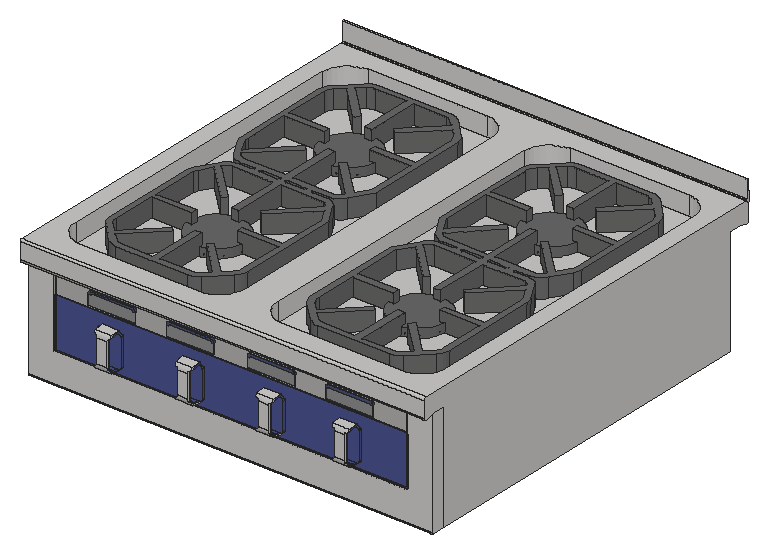
Revit family "QF_ELECTROLUXPROFESSIONAL_588040_MAGGABHOPO", category Specialty Equipment, Revit 2018
Family settings
  Round Connector Dimension = Use Diameter
  Part Type = Normal
  Work Plane-Based = No
  Always vertical = Yes
  Cut with Voids When Loaded = No
  Shared = No
  Room Calculation Point = No
Parameters
  Weight in Pounds = 138.891
  Watts = 0 W
  URL Cutsheet = ""
  Type Mark [instance] = ""
  Status [instance] = ""
  Specification by User [instance] = ""
  Specification by Manufacturer = ""
  Show Clearance [instance] = yes
  Serial Number = ""
  Seismic Rating = ""
  SMACNA No = ""
  Revision Code [instance] = ""
  Omniclass Number and Title = ""
  NAFEM Spec ID Number = ""
  Model = "588040"
  Mechanical Remarks [instance] = ""
  Mechanical Connection Type [instance] = ""
  Masterspec = ""
  Manufacturer = "ELECTROLUX"
  Item Number [instance] = ""
  Installed By [instance] = ""
  Identify Quantity as Lot [instance] = yes
  HP = "0 HP"
  Gas Size = 1/2"
  Gas RI Height [instance] = 0 mm
  Gas KW = 28
  Gas Input = 95452.0 Btu/h
  Gas Connection Height [instance] = 0 mm
  Furnished By [instance] = ""
  Foodservice Equipment Identifier [instance] = yes
  Direct Waste Size = 0"
  Description = "GAS TOP,4 BURNERS,1S,BSPL,800X800X250H"
  CSI MasterFormat = ""
  CSI Master Format = ""
  Back Panel [instance] = yes
Reference planes
  plane 1 "BACK": y = 0
  plane 2: z = 0
  plane 3 "LEFT": x = 0
  plane 4 "RIGHT": x = 800
  plane 5 "FRONT": y = -800
  plane 6 "TOP": z = 250
  plane 7: x = 400
  plane 8: y = -400
  plane 9: z = 370
  plane 10: x = 765
  plane 11: y = -60.425
Forms (mm)
  Extrusion 1, solid, material "QF_Finishes_Stainless Steel"
    sketch origin (0, -487.128, 0) x (0, 1, 0) y (0, 0, 1)
      loop
        line (483.128, 250) -> (-308.872, 250)
        arc (-308.872, 250) -> (-311.7, 248.828) -> (-312.872, 246) r 4
        line (-312.872, 246) -> (-312.872, 214)
        arc (-312.872, 214) -> (-311.437, 210.931) -> (-308.161, 210.064) r 4
        line (-308.161, 210.064) -> (-292.872, 213) -> (-267.872, 213) -> (-267.872, 0) -> (442.128, 0) -> (442.128, 213) -> (465.765, 213) -> (482.433, 210.061)
        arc (482.433, 210.061) -> (485.699, 210.936) -> (487.128, 214) r 4
        line (487.128, 214) -> (487.128, 246)
        arc (487.128, 246) -> (485.956, 248.828) -> (483.128, 250) r 4
    from 0 to 800
  Extrusion 2, void
    sketch origin (653.786, 44.048, 250) x (1, 0, 0) y (0, -1, 0)
      loop
        line (-570.234, 89.462) -> (-334.333, 89.462)
        arc (-334.333, 89.462) -> (-299.707, 103.805) -> (-285.364, 138.432) r 48.97
        line (-285.364, 138.432) -> (-285.364, 750.078)
        arc (-285.364, 750.078) -> (-299.707, 784.705) -> (-334.333, 799.048) r 48.97
        line (-334.333, 799.048) -> (-570.234, 799.048)
        arc (-570.234, 799.048) -> (-605.59, 784.403) -> (-620.234, 749.048) r 50
        line (-620.234, 749.048) -> (-620.234, 139.462)
        arc (-620.234, 139.462) -> (-605.59, 104.107) -> (-570.234, 89.462) r 50
      loop
        line (64.679, 799.048) -> (-171.222, 799.048)
        arc (-171.222, 799.048) -> (-206.577, 784.403) -> (-221.222, 749.048) r 50
        line (-221.222, 749.048) -> (-221.222, 139.462)
        arc (-221.222, 139.462) -> (-206.577, 104.107) -> (-171.222, 89.462) r 50
        line (-171.222, 89.462) -> (64.679, 89.462)
        arc (64.679, 89.462) -> (99.306, 103.805) -> (113.649, 138.432) r 48.97
        line (113.649, 138.432) -> (113.649, 750.078)
        arc (113.649, 750.078) -> (99.306, 784.705) -> (64.679, 799.048) r 48.97
    from 0 to 37
  Extrusion 3, solid, material "QF_Finishes_Stainless Steel"
    sketch origin (10, -560, 0) x (1, 0, 0) y (0, -1, 0)
      loop
        circle (755, -70) r 6.35
    from 0 to 3.2
  Extrusion 4, solid, material "QF_Finishes_Stainless Steel"
    sketch origin (0, -950.048, 0) x (0, -1, 0) y (0, 0, -1)
      loop
        arc (-948.097, -252.006) -> (-947.511, -250.592) -> (-946.097, -250.006) r 2
        arc (-946.097, -250.006) -> (-948.877, -248.828) -> (-950.048, -246) r 4
        line (-950.048, -246) -> (-950.048, -288.006) -> (-948.097, -288.006) -> (-948.097, -252.006)
    from 0 to 800
Cuts and joins
  Extrusion 2 cuts Extrusion 1
Lines and regions (mm)
  symbolic lines
    curve 1: line (0, 0, 0) -> (800, 0, 0)
    curve 2: line (0, -800, 0) -> (0, 0, 0)
    curve 3: line (800, -800, 0) -> (0, -800, 0)
    curve 4: line (800, 0, 0) -> (800, -800, 0)
    curve 5: arc (83.552, -755, 0) -> (48.197, -740.355, 0) -> (33.552, -705, 0) r 50
    curve 6: line (33.552, -705, 0) -> (33.552, -95.414, 0)
    curve 7: arc (33.552, -95.414, 0) -> (48.197, -60.059, 0) -> (83.552, -45.414, 0) r 50
    curve 8: line (83.552, -45.414, 0) -> (317.592, -45.414, 0)
    curve 9: arc (718.465, -45.414, 0) -> (753.092, -59.757, 0) -> (767.435, -94.384, 0) r 48.97
    curve 10: line (767.435, -94.384, 0) -> (767.435, -706.03, 0)
    curve 11: arc (767.435, -706.03, 0) -> (753.092, -740.657, 0) -> (718.465, -755, 0) r 48.97
    curve 12: line (718.465, -755, 0) -> (482.408, -755, 0)
    curve 13: line (482.408, -45.414, 0) -> (718.465, -45.414, 0)
    curve 14: line (317.592, -755, 0) -> (83.552, -755, 0)
    curve 15: arc (482.408, -755, 0) -> (447.053, -740.355, 0) -> (432.408, -705, 0) r 50
    curve 16: line (432.408, -705, 0) -> (432.408, -95.414, 0)
    curve 17: arc (432.408, -95.414, 0) -> (447.053, -60.059, 0) -> (482.408, -45.414, 0) r 50
    curve 18: arc (317.592, -755, 0) -> (352.947, -740.355, 0) -> (367.592, -705, 0) r 50
    curve 19: line (367.592, -705, 0) -> (367.592, -95.414, 0)
    curve 20: arc (367.592, -95.414, 0) -> (352.947, -60.059, 0) -> (317.592, -45.414, 0) r 50
    curve 21: line (0, -1.951, 0) -> (800, -1.951, 0)
Dimensions and locks
  plane 3 "LEFT" to plane 4 "RIGHT" = 800 mm
  plane 5 "FRONT" to plane 1 "BACK" = 800 mm
  equal spacing: plane 3 "LEFT", plane 7, plane 4 "RIGHT"
  equal spacing: plane 5 "FRONT", plane 8, plane 1 "BACK"
  plane 6 "TOP" to level = 250 mm  (x2)
  plane 1 "BACK" to plane 5 "FRONT" = 800 mm
  Extrusion 3 sketch curve to plane 1 "BACK" = 490 mm
  Extrusion 3 sketch curve to plane 4 "RIGHT" = 35 mm
  plane 1 "BACK" to Extrusion 3 = 490 mm
  locked: plane 10 to plane 4 "RIGHT" at 35
  aligned and locked: level to plane 2
  aligned and locked: Extrusion 1 to plane 4 "RIGHT"
Automatic sketch dimensions
  Extrusion 1 sketch curve to plane 5 "FRONT" = 0 mm
  Extrusion 1 sketch curve to plane 6 "TOP" = 0 mm
  Extrusion 1 sketch curve to level = 0 mm
  Extrusion 1 sketch curve to plane 1 "BACK" = 0 mm
  Extrusion 1 sketch curve to plane 6 "TOP" = 37 mm  (x2)
  Extrusion 1 sketch curve to plane 5 "FRONT" = 4 mm
  Extrusion 1 sketch curve to plane 5 "FRONT" = 20 mm
  Extrusion 1 sketch curve to plane 5 "FRONT" = 45 mm
  plane 1 "BACK" to Extrusion 1 sketch curve = 21.363 mm
  plane 1 "BACK" to Extrusion 1 sketch curve = 4 mm  (x2)
  Extrusion 1 sketch curve to Extrusion 1 sketch curve = 4 mm
  Extrusion 1 sketch curve to Extrusion 1 sketch curve = 0.711 mm
  plane 1 "BACK" to Extrusion 1 sketch curve = 4.695 mm
  Extrusion 1 sketch curve to Extrusion 1 sketch curve = 0 mm  (x2)
  Extrusion 1 sketch curve to Extrusion 1 sketch curve = 1 mm  (x2)
  plane 1 "BACK" to Extrusion 1 sketch curve = 45 mm
  plane 1 "BACK" to curve 1 = 0 mm
  curve 1 to plane 4 "RIGHT" = 0 mm
  curve 3 to plane 3 "LEFT" = 0 mm
  curve 10 to plane 10 = 2.435 mm
  plane 11 to curve 13 = 15.012 mm
  plane 10 to curve 13 = 46.535 mm
  plane 10 to curve 12 = 46.535 mm
  plane 7 to curve 16 = 32.408 mm
  curve 19 to plane 7 = 32.408 mm
  plane 3 "LEFT" to curve 8 = 83.552 mm
  plane 3 "LEFT" to curve 14 = 83.552 mm
  plane 3 "LEFT" to curve 6 = 33.552 mm
  curve 15 to curve 16 = 50 mm
  curve 20 to plane 11 = 34.988 mm
  curve 18 to plane 5 "FRONT" = 45 mm
  curve 19 to curve 18 = 50 mm
  Extrusion 1 to Extrusion 2 sketch curve = 33.552 mm
  Extrusion 1 to Extrusion 2 sketch curve = 41 mm  (x2)
  Extrusion 2 sketch curve to Extrusion 2 sketch curve = 50 mm  (x4)
  Extrusion 1 to Extrusion 2 sketch curve = 41.414 mm
  Extrusion 2 sketch curve to Extrusion 2 sketch curve = 235.901 mm  (x2)
  Extrusion 2 sketch curve to Extrusion 2 sketch curve = 48.97 mm
  Extrusion 2 sketch curve to Extrusion 2 sketch curve = 64.142 mm
  Extrusion 1 to Extrusion 2 sketch curve = 81.535 mm  (x2)
  Extrusion 1 to Extrusion 2 sketch curve = 32.565 mm
  Extrusion 2 sketch curve to Extrusion 2 sketch curve = 1.03 mm
  curve 18 to curve 16 = 0 mm
  plane 11 to curve 8 = 15.012 mm
  curve 16 to plane 11 = 34.988 mm
  Extrusion 4 sketch curve to plane 1 "BACK" = 0 mm  (x2)
  Extrusion 4 sketch curve to plane 6 "TOP" = 2.006 mm
  Extrusion 4 sketch curve to plane 6 "TOP" = 0 mm
  Extrusion 4 sketch curve to Extrusion 4 sketch curve = 1.951 mm
  Extrusion 4 sketch curve to Extrusion 4 sketch curve = 2 mm
  Extrusion 4 sketch curve to Extrusion 4 sketch curve = 0.049 mm
  Extrusion 4 sketch curve to Extrusion 4 sketch curve = 36 mm
  Extrusion 4 sketch curve to Extrusion 4 sketch curve = 0 mm
  curve 21 to plane 3 "LEFT" = 0 mm
  curve 21 to plane 4 "RIGHT" = 0 mm
  plane 1 "BACK" to curve 21 = 1.951 mm
  plane 5 "FRONT" to curve 3 = 0 mm
  radius of Extrusion 3 sketch curve = 6.35 mm
Nested families
  nested 1: "OBT_800_Open Burner" at (200, -400.207, -649.319), type "OBT_800_Open Burner"
  nested 2: "OBT_800_Open Burner" at (600, -400.207, -649.319) x (-1, 0, 0) z (0, 0, 1), type "OBT_800_Open Burner"
  nested 3: "EG_800_1000_Double Range Control Handle Front Panel" at (202.376, -755, -650), type "EG_800_1000_Double Range Control Handle Front Panel"
Connectors
  piping at (765, -490, -3.2), diameter 12.8
    settings: on Extrusion 3, index 1, connector inside diameter 0.50394", connector length 0 mm, flow factor 0, pipe flow 0 GPM, pressure drop 0.00 psi, fitting loss kfactor 0, connector angle 0.00°, fixture units 0, engagement length 0 mm, angle of deflection 0.00°, flow configuration 1, flow direction 1, fitting loss method 0, system type 7, joint type 0, gender type 0, connector reference index -1, connector utility 0, adjustable connector no, is connector primary yes, connector description "GAS CONNECTION"
Definition of nested family "OBT_800_Open Burner"
  Reference planes
    plane 1 "Center (Front/Back)": y = 0
    plane 2: z = 0
    plane 3 "Center (Left/Right)": x = 0
    plane 4: x = -136.448
    plane 5: x = 137.435
    plane 6: y = 324.793
    plane 7: y = -324.793
  Forms (mm)
    Extrusion 1, solid
      sketch origin (2130.573, 56.896, -679.622) x (1, 0, 0) y (0, 1, 0)
        loop
          line (-2137.44, 256.49) -> (-2200.793, 256.49)
          arc (-2200.793, 256.49) -> (-2207.908, 255.075) -> (-2213.94, 251.044) r 18.593
          line (-2213.94, 251.044) -> (-2226.233, 238.751) -> (-2163.48, 175.998) -> (-2171.6, 167.877) -> (-2234.354, 230.631) -> (-2250.33, 214.654)
          arc (-2250.33, 214.654) -> (-2254.433, 208.337) -> (-2255.614, 200.897) r 18.125
          line (-2255.614, 200.897) -> (-2255.614, 113.422) -> (-2175.79, 113.422) -> (-2175.79, 101.938) -> (-2255.614, 101.938) -> (-2255.614, 10.897)
          arc (-2255.614, 10.897) -> (-2254.981, 6.085) -> (-2253.123, 1.601) r 18.593
          line (-2253.123, 1.601) -> (-2240.078, -20.994) -> (-2171.6, 47.483) -> (-2163.48, 39.363) -> (-2234.012, -31.169)
          arc (-2234.012, -31.169) -> (-2228.546, -38.527) -> (-2220.23, -42.379) r 18.593
          line (-2220.23, -42.379) -> (-2137.44, -42.379) -> (-2137.44, 62.464) -> (-2123.707, 62.464) -> (-2123.707, -42.379) -> (-2039.969, -42.379)
          arc (-2039.969, -42.379) -> (-2031.653, -38.527) -> (-2026.187, -31.169) r 18.593
          line (-2026.187, -31.169) -> (-2097.271, 39.915) -> (-2089.15, 48.035) -> (-2020.118, -20.997) -> (-2004.585, 5.916) -> (-2004.585, 101.938) -> (-2085.357, 101.938) -> (-2085.357, 113.422) -> (-2004.585, 113.422) -> (-2004.585, 197.888)
          arc (-2004.585, 197.888) -> (-2006.695, 208.496) -> (-2012.704, 217.489) r 27.72
          line (-2012.704, 217.489) -> (-2025.845, 230.631) -> (-2089.15, 167.325) -> (-2097.271, 175.446) -> (-2033.966, 238.751) -> (-2046.259, 251.044)
          arc (-2046.259, 251.044) -> (-2052.291, 255.075) -> (-2059.406, 256.49) r 18.593
          line (-2059.406, 256.49) -> (-2123.707, 256.49) -> (-2123.707, 152.897) -> (-2137.44, 152.897) -> (-2137.44, 256.49)
        loop
          arc (-2267.021, 10.897) -> (-2265.999, 3.132) -> (-2263.002, -4.103) r 30
          line (-2263.002, -4.103) -> (-2242.795, -39.103)
          arc (-2242.795, -39.103) -> (-2231.814, -50.084) -> (-2216.814, -54.103) r 30
          line (-2216.814, -54.103) -> (-2189.287, -54.103)
          arc (-2189.287, -54.103) -> (-2188.243, -56) -> (-2186.272, -56.896) r 3.438
          arc (-2186.272, -56.896) -> (-2188.243, -57.792) -> (-2189.287, -59.689) r 3.438
          line (-2189.287, -59.689) -> (-2216.814, -59.689)
          arc (-2216.814, -59.689) -> (-2231.814, -63.708) -> (-2242.795, -74.689) r 30
          line (-2242.795, -74.689) -> (-2263.002, -109.689)
          arc (-2263.002, -109.689) -> (-2265.999, -116.924) -> (-2267.021, -124.689) r 30
          line (-2267.021, -124.689) -> (-2267.021, -315.461)
          arc (-2267.021, -315.461) -> (-2264.738, -326.941) -> (-2258.234, -336.674) r 30
          line (-2258.234, -336.674) -> (-2221.975, -372.933)
          arc (-2221.975, -372.933) -> (-2212.253, -379.414) -> (-2200.793, -381.689) r 30
          line (-2200.793, -381.689) -> (-2059.406, -381.689)
          arc (-2059.406, -381.689) -> (-2047.942, -379.412) -> (-2038.218, -372.928) r 30
          line (-2038.218, -372.928) -> (-2001.964, -336.674)
          arc (-2001.964, -336.674) -> (-1995.461, -326.941) -> (-1993.138, -315.461) r 30
          line (-1993.138, -315.461) -> (-1993.138, -116.719) -> (-2017.404, -74.689)
          arc (-2017.404, -74.689) -> (-2028.385, -63.708) -> (-2043.385, -59.689) r 30
          line (-2043.385, -59.689) -> (-2070.476, -59.689)
          arc (-2070.476, -59.689) -> (-2072.136, -57.759) -> (-2074.531, -56.896) r 5
          arc (-2074.531, -56.896) -> (-2072.136, -56.033) -> (-2070.476, -54.103) r 5
          line (-2070.476, -54.103) -> (-2043.385, -54.103)
          arc (-2043.385, -54.103) -> (-2028.385, -50.084) -> (-2017.404, -39.103) r 30
          line (-2017.404, -39.103) -> (-1993.294, 2.656) -> (-1993.294, 204.314)
          arc (-1993.294, 204.314) -> (-1995.995, 214.361) -> (-2001.964, 222.882) r 30
          line (-2001.964, 222.882) -> (-2038.218, 259.136)
          arc (-2038.218, 259.136) -> (-2047.942, 265.62) -> (-2059.406, 267.897) r 30
          line (-2059.406, 267.897) -> (-2200.793, 267.897)
          arc (-2200.793, 267.897) -> (-2212.253, 265.622) -> (-2221.975, 259.141) r 30
          line (-2221.975, 259.141) -> (-2258.234, 222.882)
          arc (-2258.234, 222.882) -> (-2264.738, 213.149) -> (-2267.021, 201.669) r 30
          line (-2267.021, 201.669) -> (-2267.021, 10.897)
        loop
          arc (-2122.397, -54.103) -> (-2124.057, -56.033) -> (-2126.452, -56.896) r 5
          arc (-2126.452, -56.896) -> (-2124.057, -57.759) -> (-2122.397, -59.689) r 5
          line (-2122.397, -59.689) -> (-2085.985, -59.689)
          arc (-2085.985, -59.689) -> (-2084.941, -57.792) -> (-2082.97, -56.896) r 3.438
          arc (-2082.97, -56.896) -> (-2084.941, -56) -> (-2085.985, -54.103) r 3.438
          line (-2085.985, -54.103) -> (-2122.397, -54.103)
        loop
          arc (-2173.778, -54.103) -> (-2175.438, -56.033) -> (-2177.833, -56.896) r 5
          arc (-2177.833, -56.896) -> (-2175.438, -57.759) -> (-2173.778, -59.689) r 5
          line (-2173.778, -59.689) -> (-2137.906, -59.689)
          arc (-2137.906, -59.689) -> (-2136.862, -57.792) -> (-2134.891, -56.896) r 3.438
          arc (-2134.891, -56.896) -> (-2136.862, -56) -> (-2137.906, -54.103) r 3.438
          line (-2137.906, -54.103) -> (-2173.778, -54.103)
        loop
          line (-2137.44, -370.282) -> (-2137.44, -265.439) -> (-2123.707, -265.439) -> (-2123.707, -370.282) -> (-2059.406, -370.282)
          arc (-2059.406, -370.282) -> (-2052.291, -368.867) -> (-2046.259, -364.836) r 18.593
          line (-2046.259, -364.836) -> (-2033.341, -351.918) -> (-2097.271, -287.988) -> (-2089.15, -279.867) -> (-2025.22, -343.798) -> (-2012.704, -331.281)
          arc (-2012.704, -331.281) -> (-2006.695, -322.288) -> (-2004.585, -311.68) r 27.72
          line (-2004.585, -311.68) -> (-2004.585, -225.964) -> (-2085.357, -225.964) -> (-2085.357, -214.48) -> (-2004.585, -214.48) -> (-2004.585, -119.708) -> (-2020.576, -92.003) -> (-2089.15, -160.577) -> (-2097.271, -152.457) -> (-2026.57, -81.755)
          arc (-2026.57, -81.755) -> (-2032.024, -74.971) -> (-2039.969, -71.413) r 18.593
          line (-2039.969, -71.413) -> (-2123.707, -71.413) -> (-2123.707, -175.006) -> (-2137.44, -175.006) -> (-2137.44, -71.413) -> (-2220.23, -71.413)
          arc (-2220.23, -71.413) -> (-2228.175, -74.971) -> (-2233.629, -81.755) r 18.593
          line (-2233.629, -81.755) -> (-2163.48, -151.905) -> (-2171.6, -160.025) -> (-2239.62, -92.005) -> (-2253.123, -115.393)
          arc (-2253.123, -115.393) -> (-2254.981, -119.877) -> (-2255.614, -124.689) r 18.593
          line (-2255.614, -124.689) -> (-2255.614, -214.48) -> (-2175.79, -214.48) -> (-2175.79, -225.964) -> (-2255.614, -225.964) -> (-2255.614, -314.689)
          arc (-2255.614, -314.689) -> (-2254.433, -322.129) -> (-2250.33, -328.446) r 18.125
          line (-2250.33, -328.446) -> (-2234.979, -343.798) -> (-2171.6, -280.419) -> (-2163.48, -288.54) -> (-2226.858, -351.918) -> (-2213.94, -364.836)
          arc (-2213.94, -364.836) -> (-2207.908, -368.867) -> (-2200.793, -370.282) r 18.593
          line (-2200.793, -370.282) -> (-2137.44, -370.282)
      from 1542.072 to 1578.941
    Extrusion 2, solid
      sketch origin (2130.573, 86.122, 0) x (1, 0, 0) y (0, 1, 0)
        loop
          circle (-2130.573, -249.448) r 55
        loop
          circle (-2130.573, 78.455) r 55
      from 862.45 to 879.837
    Extrusion 3, void
      sketch origin (-124.371, -330.785, -22.784) x (-0.587785, -0.809017, 0) y (0, 0, 1)
        loop
          circle (-213.495, 891.283) r 1
      from -67.69 to -35.114
    Extrusion 4, void
      sketch origin (-89.903, -351.417, -22.784) x (-0.422618, -0.906308, 0) y (0, 0, 1)
        loop
          circle (-213.495, 891.283) r 1
      from -74.826 to -35.114
    Extrusion 5, void
      sketch origin (-52.131, -365.093, -22.784) x (-0.241922, -0.970296, 0) y (0, 0, 1)
        loop
          circle (-213.495, 891.283) r 1
      from -67.69 to -35.114
    Extrusion 6, void
      sketch origin (27.702, -369.842, -22.784) x (0.139173, -0.990268, 0) y (0, 0, 1)
        loop
          circle (-213.495, 891.283) r 1
      from -67.69 to -35.114
    Extrusion 7, void
      sketch origin (66.829, -360.74, -22.784) x (0.325568, -0.945519, 0) y (0, 0, 1)
        loop
          circle (-213.495, 891.283) r 1
      from -67.69 to -35.114
    Extrusion 8, void
      sketch origin (103.5, -344.339, -22.784) x (0.5, -0.866025, 0) y (0, 0, 1)
        loop
          circle (-213.495, 891.283) r 1
      from -67.69 to -35.114
    Extrusion 9, void
      sketch origin (136.368, -321.242, -22.784) x (0.656059, -0.75471, 0) y (0, 0, 1)
        loop
          circle (-213.495, 891.283) r 1
      from -67.69 to -35.114
    Extrusion 10, void
      sketch origin (164.225, -292.298, -22.784) x (0.788011, -0.615661, 0) y (0, 0, 1)
        loop
          circle (-213.495, 891.283) r 1
      from -67.69 to -35.114
    Extrusion 11, void
      sketch origin (186.048, -258.571, -22.784) x (0.891007, -0.45399, 0) y (0, 0, 1)
        loop
          circle (-213.495, 891.283) r 1
      from -67.69 to -35.114
    Extrusion 12, void
      sketch origin (201.034, -221.299, -22.784) x (0.961262, -0.275637, 0) y (0, 0, 1)
        loop
          circle (-213.495, 891.283) r 1
      from -67.69 to -35.114
    Extrusion 13, void
      sketch origin (208.566, -141.681, -22.784) x (0.994522, 0.104528, 0) y (0, 0, 1)
        loop
          circle (-213.495, 891.283) r 1
      from -67.69 to -35.114
    Extrusion 14, void
      sketch origin (200.835, -102.26, -22.784) x (0.956305, 0.292372, 0) y (0, 0, 1)
        loop
          circle (-213.495, 891.283) r 1
      from -67.69 to -35.114
    Extrusion 15, void
      sketch origin (185.724, -65.039, -22.784) x (0.882948, 0.469472, 0) y (0, 0, 1)
        loop
          circle (-213.495, 891.283) r 1
      from -67.69 to -35.114
    Extrusion 16, void
      sketch origin (163.788, -31.385, -22.784) x (0.777146, 0.62932, 0) y (0, 0, 1)
        loop
          circle (-213.495, 891.283) r 1
      from -67.69 to -35.114
    Extrusion 17, void
      sketch origin (135.834, -2.534, -22.784) x (0.642788, 0.766044, 0) y (0, 0, 1)
        loop
          circle (-213.495, 891.283) r 1
      from -67.69 to -35.114
    Extrusion 18, void
      sketch origin (102.889, 20.452, -22.784) x (0.48481, 0.87462, 0) y (0, 0, 1)
        loop
          circle (-213.495, 891.283) r 1
      from -67.69 to -35.114
    Extrusion 19, void
      sketch origin (66.163, 36.73, -22.784) x (0.309017, 0.951057, 0) y (0, 0, 1)
        loop
          circle (-213.495, 891.283) r 1
      from -67.69 to -35.114
    Extrusion 20, void
      sketch origin (-52.811, 40.685, -22.784) x (-0.258819, 0.965926, 0) y (0, 0, 1)
        loop
          circle (-213.495, 891.283) r 1
      from -67.69 to -35.114
    Extrusion 21, void
      sketch origin (-90.537, 26.882, -22.784) x (-0.438371, 0.898794, 0) y (0, 0, 1)
        loop
          circle (-213.495, 891.283) r 1
      from -67.69 to -35.114
    Extrusion 22, void
      sketch origin (-124.936, 6.135, -22.784) x (-0.601815, 0.798636, 0) y (0, 0, 1)
        loop
          circle (-213.495, 891.283) r 1
      from -67.69 to -35.114
    Extrusion 23, void
      sketch origin (-154.744, -20.796, -22.784) x (-0.743145, 0.669131, 0) y (0, 0, 1)
        loop
          circle (-213.495, 891.283) r 1
      from -67.69 to -35.114
    Extrusion 24, void
      sketch origin (-178.866, -52.919, -22.784) x (-0.857167, 0.515038, 0) y (0, 0, 1)
        loop
          circle (-213.495, 891.283) r 1
      from -67.69 to -35.114
    Extrusion 25, void
      sketch origin (-196.416, -89.054, -22.784) x (-0.939693, 0.34202, 0) y (0, 0, 1)
        loop
          circle (-213.495, 891.283) r 1
      from -67.69 to -35.114
    Extrusion 26, void
      sketch origin (-204.521, -207.817, -22.784) x (-0.97437, -0.224951, 0) y (0, 0, 1)
        loop
          circle (-213.495, 891.283) r 1
      from -67.69 to -35.114
    Extrusion 27, void
      sketch origin (-192.043, -246.002, -22.784) x (-0.913545, -0.406737, 0) y (0, 0, 1)
        loop
          circle (-213.495, 891.283) r 1
      from -67.69 to -35.114
    Extrusion 28, void
      sketch origin (-172.509, -281.104, -22.784) x (-0.819152, -0.573576, 0) y (0, 0, 1)
        loop
          circle (-213.495, 891.283) r 1
      from -67.69 to -35.114
    Extrusion 29, void
      sketch origin (-146.635, -311.834, -22.784) x (-0.694658, -0.71934, 0) y (0, 0, 1)
        loop
          circle (-213.495, 891.283) r 1
      from -67.69 to -35.114
    Extrusion 30, void
      sketch origin (-124.371, -2.882, -22.784) x (-0.587785, -0.809017, 0) y (0, 0, 1)
        loop
          circle (-213.495, 891.283) r 1
      from -67.69 to -35.114
    Extrusion 31, void
      sketch origin (-89.903, -23.515, -22.784) x (-0.422618, -0.906308, 0) y (0, 0, 1)
        loop
          circle (-213.495, 891.283) r 1
      from -74.826 to -35.114
    Extrusion 32, void
      sketch origin (-52.131, -37.191, -22.784) x (-0.241922, -0.970296, 0) y (0, 0, 1)
        loop
          circle (-213.495, 891.283) r 1
      from -67.69 to -35.114
    Extrusion 33, void
      sketch origin (27.702, -41.939, -22.784) x (0.139173, -0.990268, 0) y (0, 0, 1)
        loop
          circle (-213.495, 891.283) r 1
      from -67.69 to -35.114
    Extrusion 34, void
      sketch origin (66.829, -32.837, -22.784) x (0.325568, -0.945519, 0) y (0, 0, 1)
        loop
          circle (-213.495, 891.283) r 1
      from -67.69 to -35.114
    Extrusion 35, void
      sketch origin (103.5, -16.436, -22.784) x (0.5, -0.866025, 0) y (0, 0, 1)
        loop
          circle (-213.495, 891.283) r 1
      from -67.69 to -35.114
    Extrusion 36, void
      sketch origin (136.368, 6.66, -22.784) x (0.656059, -0.75471, 0) y (0, 0, 1)
        loop
          circle (-213.495, 891.283) r 1
      from -67.69 to -35.114
    Extrusion 37, void
      sketch origin (164.225, 35.604, -22.784) x (0.788011, -0.615661, 0) y (0, 0, 1)
        loop
          circle (-213.495, 891.283) r 1
      from -67.69 to -35.114
    Extrusion 38, void
      sketch origin (186.048, 69.332, -22.784) x (0.891007, -0.45399, 0) y (0, 0, 1)
        loop
          circle (-213.495, 891.283) r 1
      from -67.69 to -35.114
    Extrusion 39, void
      sketch origin (201.034, 106.603, -22.784) x (0.961262, -0.275637, 0) y (0, 0, 1)
        loop
          circle (-213.495, 891.283) r 1
      from -67.69 to -35.114
    Extrusion 40, void
      sketch origin (208.566, 186.222, -22.784) x (0.994522, 0.104528, 0) y (0, 0, 1)
        loop
          circle (-213.495, 891.283) r 1
      from -67.69 to -35.114
    Extrusion 41, void
      sketch origin (200.835, 225.642, -22.784) x (0.956305, 0.292372, 0) y (0, 0, 1)
        loop
          circle (-213.495, 891.283) r 1
      from -67.69 to -35.114
    Extrusion 42, void
      sketch origin (185.724, 262.864, -22.784) x (0.882948, 0.469472, 0) y (0, 0, 1)
        loop
          circle (-213.495, 891.283) r 1
      from -67.69 to -35.114
    Extrusion 43, void
      sketch origin (163.788, 296.518, -22.784) x (0.777146, 0.62932, 0) y (0, 0, 1)
        loop
          circle (-213.495, 891.283) r 1
      from -67.69 to -35.114
    Extrusion 44, void
      sketch origin (135.834, 325.368, -22.784) x (0.642788, 0.766044, 0) y (0, 0, 1)
        loop
          circle (-213.495, 891.283) r 1
      from -67.69 to -35.114
    Extrusion 45, void
      sketch origin (102.889, 348.355, -22.784) x (0.48481, 0.87462, 0) y (0, 0, 1)
        loop
          circle (-213.495, 891.283) r 1
      from -67.69 to -35.114
    Extrusion 46, void
      sketch origin (66.163, 364.633, -22.784) x (0.309017, 0.951057, 0) y (0, 0, 1)
        loop
          circle (-213.495, 891.283) r 1
      from -67.69 to -35.114
    Extrusion 47, void
      sketch origin (-52.811, 368.588, -22.784) x (-0.258819, 0.965926, 0) y (0, 0, 1)
        loop
          circle (-213.495, 891.283) r 1
      from -67.69 to -35.114
    Extrusion 48, void
      sketch origin (-90.537, 354.785, -22.784) x (-0.438371, 0.898794, 0) y (0, 0, 1)
        loop
          circle (-213.495, 891.283) r 1
      from -67.69 to -35.114
    Extrusion 49, void
      sketch origin (-124.936, 334.037, -22.784) x (-0.601815, 0.798636, 0) y (0, 0, 1)
        loop
          circle (-213.495, 891.283) r 1
      from -67.69 to -35.114
    Extrusion 50, void
      sketch origin (-154.744, 307.107, -22.784) x (-0.743145, 0.669131, 0) y (0, 0, 1)
        loop
          circle (-213.495, 891.283) r 1
      from -67.69 to -35.114
    Extrusion 51, void
      sketch origin (-178.866, 274.984, -22.784) x (-0.857167, 0.515038, 0) y (0, 0, 1)
        loop
          circle (-213.495, 891.283) r 1
      from -67.69 to -35.114
    Extrusion 52, void
      sketch origin (-196.416, 238.848, -22.784) x (-0.939693, 0.34202, 0) y (0, 0, 1)
        loop
          circle (-213.495, 891.283) r 1
      from -67.69 to -35.114
    Extrusion 53, void
      sketch origin (-204.521, 120.086, -22.784) x (-0.97437, -0.224951, 0) y (0, 0, 1)
        loop
          circle (-213.495, 891.283) r 1
      from -67.69 to -35.114
    Extrusion 54, void
      sketch origin (-192.043, 81.901, -22.784) x (-0.913545, -0.406737, 0) y (0, 0, 1)
        loop
          circle (-213.495, 891.283) r 1
      from -67.69 to -35.114
    Extrusion 55, void
      sketch origin (-172.509, 46.798, -22.784) x (-0.819152, -0.573576, 0) y (0, 0, 1)
        loop
          circle (-213.495, 891.283) r 1
      from -67.69 to -35.114
    Extrusion 56, void
      sketch origin (-146.635, 16.068, -22.784) x (-0.694658, -0.71934, 0) y (0, 0, 1)
        loop
          circle (-213.495, 891.283) r 1
      from -67.69 to -35.114
  Cuts and joins
    Extrusion 3, Extrusion 4, Extrusion 5, Extrusion 6, Extrusion 7, Extrusion 8, Extrusion 9, Extrusion 10, Extrusion 11, Extrusion 12, Extrusion 13, Extrusion 14, Extrusion 15, Extrusion 16, Extrusion 17, Extrusion 18, Extrusion 19, Extrusion 20, Extrusion 21, Extrusion 22, Extrusion 23, Extrusion 24, Extrusion 25, Extrusion 26, Extrusion 27, Extrusion 28, Extrusion 29, Extrusion 30, Extrusion 31, Extrusion 32, Extrusion 33, Extrusion 34, Extrusion 35, Extrusion 36, Extrusion 37, Extrusion 38, Extrusion 39, Extrusion 40, Extrusion 41, Extrusion 42, Extrusion 43, Extrusion 44, Extrusion 45, Extrusion 46, Extrusion 47, Extrusion 48, Extrusion 49, Extrusion 50, Extrusion 51, Extrusion 52, Extrusion 53, Extrusion 54, Extrusion 55, Extrusion 56 cuts Extrusion 2
    Extrusion 32 cuts Extrusion 1
  Lines and regions (mm)
    symbolic lines
      curve 1: line (-103.78, 287.527, 0) -> (-41.027, 224.773, 0)
      curve 2: line (-41.027, 224.773, 0) -> (-32.906, 232.894, 0)
      curve 3: line (-32.906, 232.894, 0) -> (-95.66, 295.647, 0)
      curve 4: line (-95.66, 295.647, 0) -> (-83.367, 307.94, 0)
      curve 5: arc (-83.367, 307.94, 0) -> (-77.335, 311.971, 0) -> (-70.219, 313.386, 0) r 18.593
      curve 6: line (-70.219, 313.386, 0) -> (-6.867, 313.386, 0)
      curve 7: line (-6.867, 313.386, 0) -> (-6.867, 209.793, 0)
      curve 8: line (-6.867, 209.793, 0) -> (6.867, 209.793, 0)
      curve 9: line (6.867, 209.793, 0) -> (6.867, 313.386, 0)
      curve 10: line (6.867, 313.386, 0) -> (71.168, 313.386, 0)
      curve 11: arc (71.168, 313.386, 0) -> (78.283, 311.971, 0) -> (84.315, 307.94, 0) r 18.593
      curve 12: line (84.315, 307.94, 0) -> (96.608, 295.647, 0)
      curve 13: line (96.608, 295.647, 0) -> (33.302, 232.342, 0)
      curve 14: line (33.302, 232.342, 0) -> (41.423, 224.221, 0)
      curve 15: line (41.423, 224.221, 0) -> (104.728, 287.527, 0)
      curve 16: line (104.728, 287.527, 0) -> (117.87, 274.385, 0)
      curve 17: arc (117.87, 274.385, 0) -> (123.879, 265.392, 0) -> (125.989, 254.784, 0) r 27.72
      curve 18: line (125.989, 254.784, 0) -> (125.989, 170.318, 0)
      curve 19: line (125.989, 170.318, 0) -> (45.217, 170.318, 0)
      curve 20: line (45.217, 170.318, 0) -> (45.217, 158.834, 0)
      curve 21: line (45.217, 158.834, 0) -> (125.989, 158.834, 0)
      curve 22: line (125.989, 158.834, 0) -> (125.989, 62.812, 0)
      curve 23: line (125.989, 62.812, 0) -> (110.455, 35.899, 0)
      curve 24: line (110.455, 35.899, 0) -> (41.423, 104.931, 0)
      curve 25: line (41.423, 104.931, 0) -> (33.302, 96.811, 0)
      curve 26: line (33.302, 96.811, 0) -> (104.386, 25.727, 0)
      curve 27: arc (104.386, 25.727, 0) -> (98.921, 18.369, 0) -> (90.604, 14.517, 0) r 18.593
      curve 28: line (90.604, 14.517, 0) -> (6.867, 14.517, 0)
      curve 29: line (6.867, 14.517, 0) -> (6.867, 119.36, 0)
      curve 30: line (6.867, 119.36, 0) -> (-6.867, 119.36, 0)
      curve 31: line (-6.867, 119.36, 0) -> (-6.867, 14.517, 0)
      curve 32: line (-6.867, 14.517, 0) -> (-89.656, 14.517, 0)
      curve 33: arc (-89.656, 14.517, 0) -> (-97.973, 18.369, 0) -> (-103.438, 25.727, 0) r 18.593
      curve 34: line (-103.438, 25.727, 0) -> (-32.906, 96.259, 0)
      curve 35: line (-32.906, 96.259, 0) -> (-41.027, 104.379, 0)
      curve 36: line (-41.027, 104.379, 0) -> (-109.504, 35.902, 0)
      curve 37: line (-109.504, 35.902, 0) -> (-122.55, 58.497, 0)
      curve 38: arc (-122.55, 58.497, 0) -> (-124.407, 62.981, 0) -> (-125.041, 67.793, 0) r 18.593
      curve 39: line (-125.041, 67.793, 0) -> (-125.041, 158.834, 0)
      curve 40: line (-125.041, 158.834, 0) -> (-45.217, 158.834, 0)
      curve 41: line (-45.217, 158.834, 0) -> (-45.217, 170.318, 0)
      curve 42: line (-45.217, 170.318, 0) -> (-125.041, 170.318, 0)
      curve 43: line (-125.041, 170.318, 0) -> (-125.041, 257.793, 0)
      curve 44: arc (-125.041, 257.793, 0) -> (-123.86, 265.233, 0) -> (-119.757, 271.55, 0) r 18.125
      curve 45: line (-119.757, 271.55, 0) -> (-103.78, 287.527, 0)
      curve 46: line (-32.906, -95.009, 0) -> (-103.056, -24.859, 0)
      curve 47: arc (-103.056, -24.859, 0) -> (-97.601, -18.075, 0) -> (-89.656, -14.517, 0) r 18.593
      curve 48: line (-89.656, -14.517, 0) -> (-6.867, -14.517, 0)
      curve 49: line (-6.867, -14.517, 0) -> (-6.867, -118.11, 0)
      curve 50: line (-6.867, -118.11, 0) -> (6.867, -118.11, 0)
      curve 51: line (6.867, -118.11, 0) -> (6.867, -14.517, 0)
      curve 52: line (6.867, -14.517, 0) -> (90.604, -14.517, 0)
      curve 53: arc (90.604, -14.517, 0) -> (98.549, -18.075, 0) -> (104.004, -24.859, 0) r 18.593
      curve 54: line (104.004, -24.859, 0) -> (33.302, -95.561, 0)
      curve 55: line (33.302, -95.561, 0) -> (41.423, -103.681, 0)
      curve 56: line (41.423, -103.681, 0) -> (109.998, -35.107, 0)
      curve 57: line (109.998, -35.107, 0) -> (125.989, -62.812, 0)
      curve 58: line (125.989, -62.812, 0) -> (125.989, -157.584, 0)
      curve 59: line (125.989, -157.584, 0) -> (45.217, -157.584, 0)
      curve 60: line (45.217, -157.584, 0) -> (45.217, -169.068, 0)
      curve 61: line (45.217, -169.068, 0) -> (125.989, -169.068, 0)
      curve 62: line (125.989, -169.068, 0) -> (125.989, -254.784, 0)
      curve 63: arc (125.989, -254.784, 0) -> (123.879, -265.392, 0) -> (117.87, -274.385, 0) r 27.72
      curve 64: line (117.87, -274.385, 0) -> (105.353, -286.902, 0)
      curve 65: line (105.353, -286.902, 0) -> (41.423, -222.971, 0)
      curve 66: line (41.423, -222.971, 0) -> (33.302, -231.092, 0)
      curve 67: line (33.302, -231.092, 0) -> (97.233, -295.022, 0)
      curve 68: line (97.233, -295.022, 0) -> (84.315, -307.94, 0)
      curve 69: arc (84.315, -307.94, 0) -> (78.283, -311.971, 0) -> (71.168, -313.386, 0) r 18.593
      curve 70: line (71.168, -313.386, 0) -> (6.867, -313.386, 0)
      curve 71: line (6.867, -313.386, 0) -> (6.867, -208.543, 0)
      curve 72: line (6.867, -208.543, 0) -> (-6.867, -208.543, 0)
      curve 73: line (-6.867, -208.543, 0) -> (-6.867, -313.386, 0)
      curve 74: line (-6.867, -313.386, 0) -> (-70.219, -313.386, 0)
      curve 75: arc (-70.219, -313.386, 0) -> (-77.335, -311.971, 0) -> (-83.367, -307.94, 0) r 18.593
      curve 76: line (-83.367, -307.94, 0) -> (-96.285, -295.022, 0)
      curve 77: line (-96.285, -295.022, 0) -> (-32.906, -231.644, 0)
      curve 78: line (-32.906, -231.644, 0) -> (-41.027, -223.523, 0)
      curve 79: line (-41.027, -223.523, 0) -> (-104.405, -286.902, 0)
      curve 80: line (-104.405, -286.902, 0) -> (-119.757, -271.55, 0)
      curve 81: arc (-119.757, -271.55, 0) -> (-123.86, -265.233, 0) -> (-125.041, -257.793, 0) r 18.125
      curve 82: line (-125.041, -257.793, 0) -> (-125.041, -169.068, 0)
      curve 83: line (-125.041, -169.068, 0) -> (-45.217, -169.068, 0)
      curve 84: line (-45.217, -169.068, 0) -> (-45.217, -157.584, 0)
      curve 85: line (-45.217, -157.584, 0) -> (-125.041, -157.584, 0)
      curve 86: line (-125.041, -157.584, 0) -> (-125.041, -67.793, 0)
      curve 87: arc (-125.041, -67.793, 0) -> (-124.407, -62.981, 0) -> (-122.55, -58.497, 0) r 18.593
      curve 88: line (-122.55, -58.497, 0) -> (-109.047, -35.109, 0)
      curve 89: line (-109.047, -35.109, 0) -> (-41.027, -103.129, 0)
      curve 90: line (-41.027, -103.129, 0) -> (-32.906, -95.009, 0)
      curve 91: line (-132.429, 52.793, 0) -> (-112.221, 17.793, 0)
      curve 92: arc (-112.221, 17.793, 0) -> (-101.241, 6.812, 0) -> (-86.241, 2.793, 0) r 30
      curve 93: line (-86.241, 2.793, 0) -> (-58.714, 2.793, 0)
      curve 94: arc (-58.714, 2.793, 0) -> (-57.669, 0.896, 0) -> (-55.698, 0, 0) r 3.438
      curve 95: arc (-55.698, 0, 0) -> (-57.669, -0.896, 0) -> (-58.714, -2.793, 0) r 3.438
      curve 96: line (-58.714, -2.793, 0) -> (-86.241, -2.793, 0)
      curve 97: arc (-86.241, -2.793, 0) -> (-101.241, -6.812, 0) -> (-112.221, -17.793, 0) r 30
      curve 98: line (-112.221, -17.793, 0) -> (-132.429, -52.793, 0)
      curve 99: arc (-132.429, -52.793, 0) -> (-135.426, -60.028, 0) -> (-136.448, -67.793, 0) r 30
      curve 100: line (-136.448, -67.793, 0) -> (-136.448, -258.565, 0)
      curve 101: arc (-136.448, -258.565, 0) -> (-134.164, -270.045, 0) -> (-127.661, -279.778, 0) r 30
      curve 102: line (-127.661, -279.778, 0) -> (-91.401, -316.037, 0)
      curve 103: arc (-91.401, -316.037, 0) -> (-81.68, -322.518, 0) -> (-70.219, -324.793, 0) r 30
      curve 104: line (-70.219, -324.793, 0) -> (71.168, -324.793, 0)
      curve 105: arc (71.168, -324.793, 0) -> (82.631, -322.516, 0) -> (92.355, -316.032, 0) r 30
      curve 106: line (92.355, -316.032, 0) -> (128.609, -279.778, 0)
      curve 107: arc (128.609, -279.778, 0) -> (135.112, -270.045, 0) -> (137.396, -258.565, 0) r 30
      curve 108: line (137.435, -258.565, 0) -> (137.435, -59.823, 0)
      curve 109: line (137.435, -59.823, 0) -> (113.169, -17.793, 0)
      curve 110: arc (113.169, -17.793, 0) -> (102.189, -6.812, 0) -> (87.189, -2.793, 0) r 30
      curve 111: line (87.189, -2.793, 0) -> (60.098, -2.793, 0)
      curve 112: arc (60.098, -2.793, 0) -> (58.438, -0.863, 0) -> (56.042, 0, 0) r 5
      curve 113: arc (56.042, 0, 0) -> (58.438, 0.863, 0) -> (60.098, 2.793, 0) r 5
      curve 114: line (60.098, 2.793, 0) -> (87.189, 2.793, 0)
      curve 115: arc (87.189, 2.793, 0) -> (102.189, 6.812, 0) -> (113.169, 17.793, 0) r 30
      curve 116: line (113.169, 17.793, 0) -> (137.279, 59.552, 0)
      curve 117: line (137.279, 59.552, 0) -> (137.279, 261.21, 0)
      curve 118: arc (137.279, 261.21, 0) -> (134.579, 271.257, 0) -> (128.609, 279.778, 0) r 30
      curve 119: line (128.609, 279.778, 0) -> (92.355, 316.032, 0)
      curve 120: arc (92.355, 316.032, 0) -> (82.631, 322.516, 0) -> (71.168, 324.793, 0) r 30
      curve 121: line (71.168, 324.793, 0) -> (-70.219, 324.793, 0)
      curve 122: arc (-70.219, 324.793, 0) -> (-81.68, 322.518, 0) -> (-91.401, 316.037, 0) r 30
      curve 123: line (-91.401, 316.037, 0) -> (-127.661, 279.778, 0)
      curve 124: arc (-127.661, 279.778, 0) -> (-134.164, 270.045, 0) -> (-136.448, 258.565, 0) r 30
      curve 125: line (-136.448, 258.565, 0) -> (-136.448, 67.793, 0)
      curve 126: arc (-136.448, 67.793, 0) -> (-135.426, 60.028, 0) -> (-132.429, 52.793, 0) r 30
      curve 127: line (-43.204, 2.793, 0) -> (-7.333, 2.793, 0)
      curve 128: arc (-7.333, 2.793, 0) -> (-6.288, 0.896, 0) -> (-4.317, 0, 0) r 3.438
      curve 129: arc (-4.317, 0, 0) -> (-6.288, -0.896, 0) -> (-7.333, -2.793, 0) r 3.438
      curve 130: line (-7.333, -2.793, 0) -> (-43.204, -2.793, 0)
      curve 131: arc (-43.204, -2.793, 0) -> (-44.864, -0.863, 0) -> (-47.26, 0, 0) r 5
      curve 132: arc (-47.26, 0, 0) -> (-44.864, 0.863, 0) -> (-43.204, 2.793, 0) r 5
      curve 133: line (8.177, 2.793, 0) -> (44.588, 2.793, 0)
      curve 134: arc (44.588, 2.793, 0) -> (45.633, 0.896, 0) -> (47.604, 0, 0) r 3.438
      curve 135: arc (47.604, 0, 0) -> (45.633, -0.896, 0) -> (44.588, -2.793, 0) r 3.438
      curve 136: line (44.588, -2.793, 0) -> (8.177, -2.793, 0)
      curve 137: arc (8.177, -2.793, 0) -> (6.517, -0.863, 0) -> (4.121, 0, 0) r 5
      curve 138: arc (4.121, 0, 0) -> (6.517, 0.863, 0) -> (8.177, 2.793, 0) r 5
      curve 139: arc (-6.867, 219.146, 0) -> (-39.289, 203.065, 0) -> (-54.699, 170.318, 0) r 55
      curve 140: arc (54.699, 170.318, 0) -> (39.289, 203.065, 0) -> (6.867, 219.146, 0) r 55
      curve 141: arc (6.867, 110.007, 0) -> (39.289, 126.088, 0) -> (54.699, 158.834, 0) r 55
      curve 142: arc (-54.699, 158.834, 0) -> (-39.289, 126.088, 0) -> (-6.867, 110.007, 0) r 55
      curve 143: arc (-6.867, -108.757, 0) -> (-39.289, -124.838, 0) -> (-54.699, -157.584, 0) r 55
      curve 144: arc (-54.699, -169.068, 0) -> (-39.289, -201.815, 0) -> (-6.867, -217.896, 0) r 55
      curve 145: arc (54.699, -157.584, 0) -> (39.289, -124.838, 0) -> (6.867, -108.757, 0) r 55
      curve 146: arc (6.867, -217.896, 0) -> (39.289, -201.815, 0) -> (54.699, -169.068, 0) r 55
  Dimensions and locks
    plane 5 to plane 4 = 273.883 mm
    equal spacing: Extrusion 1 sketch curve, plane 3 "Center (Left/Right)", Extrusion 1 sketch curve
Definition of nested family "EG_800_1000_Double Range Control Handle Front Panel"
  Reference planes
    plane 1 "Center (Front/Back)": y = 0
    plane 2: z = 0
    plane 3 "Center (Left/Right)": x = 197.624
    plane 4: x = -202.376
    plane 5: x = 597.624
    plane 6: y = -45
  Forms (mm)
    Extrusion 1, solid
      sketch origin (833.217, 829.203, -1.25) x (0, 1, 0) y (0, 0, 1)
        loop
          arc (-854.203, 654.25) -> (-853.324, 652.129) -> (-851.203, 651.25) r 3
          line (-851.203, 651.25) -> (-829.203, 651.25) -> (-829.203, 864.25) -> (-854.203, 864.25) -> (-854.203, 654.25)
      from -1035.593 to -235.593
    Extrusion 2, void
      sketch origin (33.217, 829.203, -1.25) x (1, 0, 0) y (0, 0, 1)
        loop
          line (-185.593, 855.116) -> (-185.593, 713.116) -> (514.407, 713.116) -> (514.407, 855.116) -> (-185.593, 855.116)
      from 848.59 to 854.203
  Cuts and joins
    Extrusion 2 cuts Extrusion 1
  Dimensions and locks
    equal spacing: plane 5, plane 3 "Center (Left/Right)", plane 4
    plane 5 to plane 4 = 800 mm
    aligned and locked: cut or joined group of Extrusion 1, Extrusion 2 to plane 4
    aligned and locked: plane 5 to cut or joined group of Extrusion 1, Extrusion 2
    aligned and locked: plane 3 "Center (Left/Right)" to nested 2
    aligned and locked: cut or joined group of Extrusion 1, Extrusion 2 to nested 2
  Automatic sketch dimensions
    Extrusion 1 sketch curve to plane 1 "Center (Front/Back)" = 0 mm
    plane 1 "Center (Front/Back)" to Extrusion 1 sketch curve = 22 mm
    Extrusion 1 sketch curve to Extrusion 1 sketch curve = 3 mm
    level to Extrusion 1 sketch curve = 650 mm
    Extrusion 1 sketch curve to Extrusion 1 sketch curve = 210 mm
    plane 4 to Extrusion 2 sketch curve = 50 mm
    Extrusion 2 sketch curve to plane 5 = 50 mm
    level to Extrusion 2 sketch curve = 711.866 mm
    Extrusion 2 sketch curve to Extrusion 2 sketch curve = 142 mm
  Nested families
    nested 1: "Range Control Handle" at (122.624, -28.137, -209.113) x (-1, 0, 0) z (0, 0, 1), type "Range Control Handle"
    nested 2: "glass conrol panel" at (197.624, 280.644, 2.752), type "glass conrol panel"
    nested 3: "Range Control Handle" at (432.624, -28.137, -209.113), type "Range Control Handle"
    nested 4: "Range Control Handle" at (282.624, -28.137, -209.113) x (-1, 0, 0) z (0, 0, 1), type "Range Control Handle"
    nested 5: "Range Control Handle" at (-37.376, -28.137, -209.113) x (-1, 0, 0) z (0, 0, 1), type "Range Control Handle"
  Definition of nested family "Range Control Handle"
    Reference planes
      plane 1 "Center (Front/Back)": y = 0
      plane 2: z = 0
      plane 3 "Center (Left/Right)": x = 0
      plane 4: z = 971.092
      plane 5: y = -16.9
    Forms (mm)
      Extrusion 1, solid
        sketch origin (-746.28, 380.497, 208.931) x (-1, 0, 0) y (0, 0, 1)
          loop
            line (-770.101, 786.798) -> (-770.101, 731.649)
            arc (-770.101, 731.649) -> (-769.759, 730.563) -> (-768.855, 729.87) r 1.893
            line (-768.855, 729.87) -> (-763.474, 727.911) -> (-729.81, 727.911) -> (-724.428, 729.87)
            arc (-724.428, 729.87) -> (-723.525, 730.563) -> (-723.183, 731.649) r 1.893
            line (-723.183, 731.649) -> (-723.183, 786.798)
            arc (-723.183, 786.798) -> (-723.529, 787.894) -> (-724.44, 788.593) r 1.91
            line (-724.44, 788.593) -> (-729.683, 790.819) -> (-763.601, 790.819) -> (-768.844, 788.593)
            arc (-768.844, 788.593) -> (-769.755, 787.894) -> (-770.101, 786.798) r 1.91
        from -382.35 to -378.852
      Sweep 2, solid
        path origin (-746.788, 380.496, 208.091) x (0, -1, 0) y (0, 0, 1)
          loop
            line (379.775, 793.281) -> (395.661, 791.048)
            arc (395.661, 791.048) -> (397.781, 787.377) -> (398.517, 783.202) r 12.207
            line (398.517, 783.202) -> (398.517, 737.368)
            arc (398.517, 737.368) -> (397.781, 733.193) -> (395.661, 729.522) r 12.207
            line (395.661, 729.522) -> (379.775, 727.289)
        profile origin (-746.788, -7.222, 1000.256) x (0, -0.139173, 0.990268) y (-1, 0, 0)
          loop
            line (0.782, -763.123) -> (0.782, -730.907) -> (-1.322, -730.907) -> (-1.322, -763.123) -> (0.782, -763.123)
      Sweep 3, solid
        path origin (-746.788, 380.715, 207.832) x (0, -1, 0) y (0, 0, 1)
          loop
            line (380.478, 795.442) -> (397.218, 793.09)
            arc (397.218, 793.09) -> (399.929, 788.473) -> (400.871, 783.202) r 15.207
            line (400.871, 783.202) -> (400.871, 737.584)
            arc (400.871, 737.584) -> (399.914, 732.274) -> (397.164, 727.633) r 15.207
            line (397.164, 727.633) -> (380.601, 725.305)
        profile origin (-746.788, -8.132, 1002.099) x (0, -0.139173, 0.990268) y (-1, 0, 0)
          loop
            line (0.782, -763.123) -> (0.782, -730.907) -> (-1.322, -730.907) -> (-1.322, -763.123) -> (0.782, -763.123)
      Extrusion 4, void
        sketch origin (889.253, 220.666, 207.993) x (1, 0, 0) y (0, 0, 1)
          loop
            line (-943.038, 816.854) -> (-943.038, 703.686) -> (-899.466, 734.196) -> (-899.466, 786.344) -> (-943.038, 816.854)
        from 230.636 to 242.25
      Extrusion 5, void
        sketch origin (-888.8, 220.666, 207.993) x (-1, 0, 0) y (0, 0, -1)
          loop
            line (-943.038, -816.854) -> (-899.466, -786.344) -> (-899.466, -734.196) -> (-943.038, -703.686) -> (-943.038, -816.854)
        from 230.636 to 242.25
      Extrusion 6, solid
        sketch origin (0, 0, 0) x (1, 0, 0) y (0, 0, 1)
          loop
            circle (0, 971.092) r 7.736
        from -3.137 to -1.645
    Cuts and joins
      Extrusion 4, Extrusion 5 cuts Sweep 3
      Extrusion 4, Extrusion 5 cuts Sweep 2
      joined: Extrusion 1, Extrusion 6
    Lines and regions (mm)
      symbolic lines
        curve 1: line (16.334, -16.9, 0) -> (16.334, -19.227, 0)
        curve 2: spline (16.334, -19.227, 0) -> (15.87, -19.385, 0) -> (15.404, -19.536, 0) -> (14.936, -19.678, 0) -> (14.466, -19.813, 0) -> (13.995, -19.94, 0) -> (13.523, -20.059, 0) -> (13.049, -20.171, 0) -> (12.575, -20.274, 0) -> (12.099, -20.37, 0) -> (11.622, -20.458, 0) -> (11.144, -20.537, 0) -> (10.666, -20.609, 0)
        curve 3: line (10.666, -16.9, 0) -> (10.666, -20.938, 0)
        curve 4: line (-10.213, -20.938, 0) -> (10.666, -20.938, 0)
        curve 5: line (-10.213, -20.938, 0) -> (-10.213, -16.9, 0)
        curve 6: spline (-10.213, -20.609, 0) -> (-10.691, -20.537, 0) -> (-11.169, -20.458, 0) -> (-11.646, -20.37, 0) -> (-12.122, -20.274, 0) -> (-12.597, -20.171, 0) -> (-13.07, -20.059, 0) -> (-13.542, -19.94, 0) -> (-14.013, -19.813, 0) -> (-14.483, -19.678, 0) -> (-14.951, -19.536, 0) -> (-15.417, -19.385, 0) -> (-15.881, -19.227, 0)
        curve 7: line (-15.881, -19.227, 0) -> (-15.881, -16.9, 0)
  Definition of nested family "glass conrol panel"
    Reference planes
      plane 1 "Center (Front/Back)": y = 0
      plane 2: z = 0
      plane 3 "Center (Left/Right)": x = 0
    Forms (mm)
      Extrusion 1, solid
        sketch origin (378.286, 0, 0.617) x (1, 0, 0) y (0, 0, 1)
          loop
            line (-728.286, 806.791) -> (-728.286, 708.497) -> (-28.286, 708.497) -> (-28.286, 806.791) -> (-728.286, 806.791)
        from 300.031 to 304.8
      Extrusion 2, solid
        sketch origin (378.286, 0, 0.617) x (1, 0, 0) y (0, 0, 1)
          loop
            line (-728.286, 850.497) -> (-728.286, 806.791) -> (-28.286, 806.791) -> (-28.286, 850.497) -> (-728.286, 850.497)
        from 300.031 to 304.8
      Extrusion 3, void
        sketch origin (378.286, 0, 0.617) x (1, 0, 0) y (0, 0, 1)
          loop
            line (-725.628, 847.565) -> (-725.628, 710.699) -> (-31.196, 710.699) -> (-31.196, 847.565) -> (-725.628, 847.565)
        from 303.697 to 304.8
      Extrusion 4, solid
        sketch origin (-543.309, 1.101, -0.633) x (-1, 0, 0) y (0, 0, -1)
          loop
            line (-261.431, -812.62) -> (-355.186, -812.62) -> (-355.186, -834.177) -> (-350.269, -834.177) -> (-348.469, -835.977) -> (-268.039, -835.977) -> (-266.24, -834.177) -> (-261.431, -834.177) -> (-261.431, -812.62)
        from 304.798 to 306.745
      Extrusion 5, solid
        sketch origin (-543.309, 1.101, -0.633) x (-1, 0, 0) y (0, 0, -1)
          loop
            line (-350.269, -834.177) -> (-355.078, -834.177)
            arc (-355.078, -834.177) -> (-353.942, -838.747) -> (-349.686, -840.763) r 5.5
            line (-349.686, -840.763) -> (-266.98, -840.763)
            arc (-266.98, -840.763) -> (-262.706, -838.752) -> (-261.529, -834.177) r 5.549
            line (-261.529, -834.177) -> (-266.24, -834.177) -> (-268.039, -835.977) -> (-348.469, -835.977) -> (-350.269, -834.177)
        from 304.798 to 306.745
      Extrusion 6, solid
        sketch origin (-388.309, 1.101, -0.633) x (-1, 0, 0) y (0, 0, -1)
          loop
            line (-261.431, -812.62) -> (-355.186, -812.62) -> (-355.186, -834.177) -> (-350.269, -834.177) -> (-348.469, -835.977) -> (-268.039, -835.977) -> (-266.24, -834.177) -> (-261.431, -834.177) -> (-261.431, -812.62)
        from 304.798 to 306.745
      Extrusion 7, solid
        sketch origin (-388.309, 1.101, -0.633) x (-1, 0, 0) y (0, 0, -1)
          loop
            line (-350.269, -834.177) -> (-355.078, -834.177)
            arc (-355.078, -834.177) -> (-353.942, -838.747) -> (-349.686, -840.763) r 5.5
            line (-349.686, -840.763) -> (-266.98, -840.763)
            arc (-266.98, -840.763) -> (-262.706, -838.752) -> (-261.529, -834.177) r 5.549
            line (-261.529, -834.177) -> (-266.24, -834.177) -> (-268.039, -835.977) -> (-348.469, -835.977) -> (-350.269, -834.177)
        from 304.798 to 306.745
      Extrusion 8, solid
        sketch origin (543.309, 1.101, -0.633) x (1, 0, 0) y (0, 0, 1)
          loop
            line (-261.431, 812.62) -> (-261.431, 834.177) -> (-266.24, 834.177) -> (-268.039, 835.977) -> (-348.469, 835.977) -> (-350.269, 834.177) -> (-355.186, 834.177) -> (-355.186, 812.62) -> (-261.431, 812.62)
        from 304.798 to 306.745
      Extrusion 9, solid
        sketch origin (543.309, 1.101, -0.633) x (1, 0, 0) y (0, 0, 1)
          loop
            line (-350.269, 834.177) -> (-348.469, 835.977) -> (-268.039, 835.977) -> (-266.24, 834.177) -> (-261.529, 834.177)
            arc (-261.529, 834.177) -> (-262.706, 838.752) -> (-266.98, 840.763) r 5.549
            line (-266.98, 840.763) -> (-349.686, 840.763)
            arc (-349.686, 840.763) -> (-353.942, 838.747) -> (-355.078, 834.177) r 5.5
            line (-355.078, 834.177) -> (-350.269, 834.177)
        from 304.798 to 306.745
      Extrusion 10, solid
        sketch origin (388.309, 1.101, -0.633) x (1, 0, 0) y (0, 0, 1)
          loop
            line (-261.431, 812.62) -> (-261.431, 834.177) -> (-266.24, 834.177) -> (-268.039, 835.977) -> (-348.469, 835.977) -> (-350.269, 834.177) -> (-355.186, 834.177) -> (-355.186, 812.62) -> (-261.431, 812.62)
        from 304.798 to 306.745
      Extrusion 11, solid
        sketch origin (388.309, 1.101, -0.633) x (1, 0, 0) y (0, 0, 1)
          loop
            line (-350.269, 834.177) -> (-348.469, 835.977) -> (-268.039, 835.977) -> (-266.24, 834.177) -> (-261.529, 834.177)
            arc (-261.529, 834.177) -> (-262.706, 838.752) -> (-266.98, 840.763) r 5.549
            line (-266.98, 840.763) -> (-349.686, 840.763)
            arc (-349.686, 840.763) -> (-353.942, 838.747) -> (-355.078, 834.177) r 5.5
            line (-355.078, 834.177) -> (-350.269, 834.177)
        from 304.798 to 306.745
    Cuts and joins
      Extrusion 3 cuts Extrusion 1
      Extrusion 3 cuts Extrusion 2
    Dimensions and locks
      aligned and locked: Extrusion 1 to Extrusion 2
      aligned and locked: Extrusion 5 sketch curve to Extrusion 4  (x5)
      aligned and locked: Extrusion 5 to Extrusion 4
      aligned and locked: Extrusion 7 sketch curve to Extrusion 6  (x5)
      aligned and locked: Extrusion 7 to Extrusion 6
      aligned and locked: Extrusion 9 sketch curve to Extrusion 8  (x4)
      aligned and locked: Extrusion 8 to Extrusion 9 sketch curve
      aligned and locked: Extrusion 9 to Extrusion 8
      aligned and locked: Extrusion 11 sketch curve to Extrusion 10  (x4)
      aligned and locked: Extrusion 10 to Extrusion 11 sketch curve
      aligned and locked: Extrusion 11 to Extrusion 10
